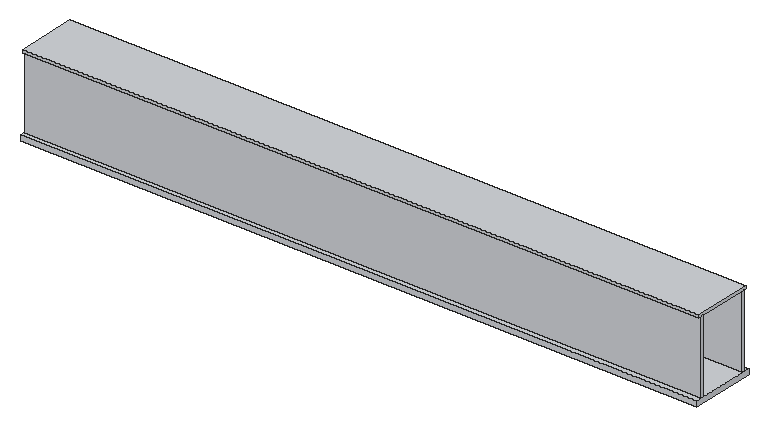
Revit family "StructuralFraming_FabricatedBox", category Structural Framing, Revit 2018
Family settings
  Structural Framing Length Roundoff = 1 mm
  Section Shape = User Defined
  Material for Model Behavior = Steel
  Always export as geometry = No
  Always vertical = Yes
  Cut with Voids When Loaded = No
  Symbolic Representation = From Project Settings
  Shared = No
  Show family pre-cut in plan views = Yes
Parameters
  Width = 200 mm
  Web Thickness = 0.8 cm
  Top Right Corbel Width = 1.0 cm
  Top Left Corbel Width = 1.0 cm
  Top Flange Thickness = 1.0 cm
  Structural Material [instance] = (empty or 0)
  Length [instance] = 3000 mm
  Height = 300 mm
  Centroid Vertical = 150 mm
  Centroid Horizontal = 120 mm
  Bottom Right Corbel Width = 2.0 cm
  Bottom Left Corbel Width = 2.0 cm
  Bottom Flange Thickness = 2.0 cm
Reference planes
  plane 1 "Center (Front/Back)": y = 0
  plane 2 "Center Elevation": z = 0
  plane 3 "Center (Left/Right)": x = 0
  plane 4 "Left": x = -1500
  plane 5 "Member Left": x = -1250
  plane 6 "Stick Symbol Left": x = -1000
  plane 7 "Right": x = 1500
  plane 8 "Member Right": x = 1250
  plane 9 "Stick Symbol Right": x = 1000
  plane 10: y = 100
  plane 11: y = -100
  plane 12: z = 150
  plane 13: z = -150
  plane 14: z = 140
  plane 15: z = -130
  plane 16: y = -92
  plane 17: y = 92
  plane 18: y = -120
  plane 19: y = 120
  plane 20: y = 110
  plane 21: y = -110
Forms (mm)
  Extrusion 1, solid, detail levels medium+fine
    sketch origin (0, 0, 0) x (0, 1, 0) y (0, 0, 1)
      loop
        line (120, -130) -> (-120, -130) -> (-120, -150) -> (120, -150) -> (120, -130)
    from -1250 to 1250
  Extrusion 2, solid, detail levels medium+fine
    sketch origin (0, -13.297, 83.954) x (0, 1, 0) y (0, 0, 1)
      loop
        line (-78.703, 56.046) -> (-86.703, 56.046) -> (-86.703, -213.954) -> (-78.703, -213.954) -> (-78.703, 56.046)
    from -1250 to 1250
  Extrusion 3, solid, detail levels medium+fine
    sketch origin (0, -13.297, 118.954) x (0, 1, 0) y (0, 0, 1)
      loop
        line (113.297, 21.046) -> (105.297, 21.046) -> (105.297, -248.954) -> (113.297, -248.954) -> (113.297, 21.046)
    from -1250 to 1250
  Extrusion 4, solid, detail levels medium+fine
    sketch origin (0, -0.356, 167.25) x (0, 1, 0) y (0, 0, 1)
      loop
        line (110.356, -17.25) -> (-109.644, -17.25) -> (-109.644, -27.25) -> (110.356, -27.25) -> (110.356, -17.25)
    from -1250 to 1250
Lines and regions (mm)
  model lines, style "Stick Symbols", detail levels coarse
    curve 1: line (-1000, 0, 0) -> (1000, 0, 0)
  model lines, style "Stick Symbols"
    curve 2: line (-1250, 120, -150) -> (-1250, -120, -150)
    curve 3: line (-1250, 110, 150) -> (-1250, -110, 150)
    curve 4: line (-1250, 100, -150) -> (-1250, 100, 150)
    curve 5: line (-1250, -100, -150) -> (-1250, -100, 150)
Dimensions and locks
  equal spacing: plane 4 "Left", plane 3 "Center (Left/Right)", plane 7 "Right"
  "Length": plane 4 "Left" to plane 7 "Right"
  "Height": plane 13 to plane 12
  "Centroid Vertical": plane 2 "Center Elevation" to plane 13
  "Width": plane 10 to plane 11
  "Bottom Right Corbel Width": plane 11 to plane 18
  "Bottom Left Corbel Width": plane 19 to plane 10
  "Top Left Corbel Width": plane 20 to plane 10
  "Top Right Corbel Width": plane 11 to plane 21
  "Web Thickness": plane 10 to plane 17
  "Web Thickness": plane 16 to plane 11
  "Top Flange Thickness": plane 14 to plane 12
  "Bottom Flange Thickness": plane 13 to plane 15
  plane 19 to plane 1 "Center (Front/Back)" to plane 18 = 120 mm, 120 mm
  "Centroid Horizontal": plane 19 to plane 1 "Center (Front/Back)"
  aligned and locked: plane 5 "Member Left" to Extrusion 1
  aligned and locked: Extrusion 1 to plane 8 "Member Right"
  aligned and locked: plane 1 "Center (Front/Back)" to curve 1
  aligned and locked: plane 6 "Stick Symbol Left" to curve 1
  aligned and locked: plane 9 "Stick Symbol Right" to curve 1
  aligned and locked: level to plane 2 "Center Elevation"
  aligned and locked: Extrusion 2 sketch curve to plane 11
  aligned and locked: plane 16 to Extrusion 2 sketch curve
  aligned and locked: plane 15 to Extrusion 2 sketch curve
  aligned and locked: Extrusion 2 sketch curve to plane 14
  aligned and locked: Extrusion 4 sketch curve to plane 12
  aligned and locked: plane 14 to Extrusion 4 sketch curve
  aligned and locked: plane 20 to Extrusion 4 sketch curve
  aligned and locked: Extrusion 4 sketch curve to plane 21
  aligned and locked: Extrusion 3 sketch curve to plane 14
  aligned and locked: Extrusion 3 sketch curve to plane 17
  aligned and locked: plane 10 to Extrusion 3 sketch curve
  aligned and locked: plane 15 to Extrusion 3 sketch curve
  aligned and locked: plane 19 to Extrusion 1 sketch curve
  aligned and locked: Extrusion 1 sketch curve to plane 15
  aligned and locked: plane 13 to Extrusion 1 sketch curve
  aligned and locked: Extrusion 1 sketch curve to plane 18
  aligned and locked: plane 5 "Member Left" to Extrusion 4
  aligned and locked: Extrusion 4 to plane 8 "Member Right"
  aligned and locked: Extrusion 3 to plane 8 "Member Right"
  aligned and locked: plane 5 "Member Left" to Extrusion 3
  aligned and locked: plane 5 "Member Left" to Extrusion 2
  aligned and locked: Extrusion 2 to plane 8 "Member Right"
Automatic sketch dimensions
  curve 2 to Extrusion 1 = 0 mm  (x3)
  Extrusion 1 to curve 3 = 10 mm
  Extrusion 1 to curve 5 = 20 mm
  Extrusion 1 to curve 4 = 20 mm
  curve 4 to curve 3 = 10 mm
  curve 4 to Extrusion 1 = 280 mm
